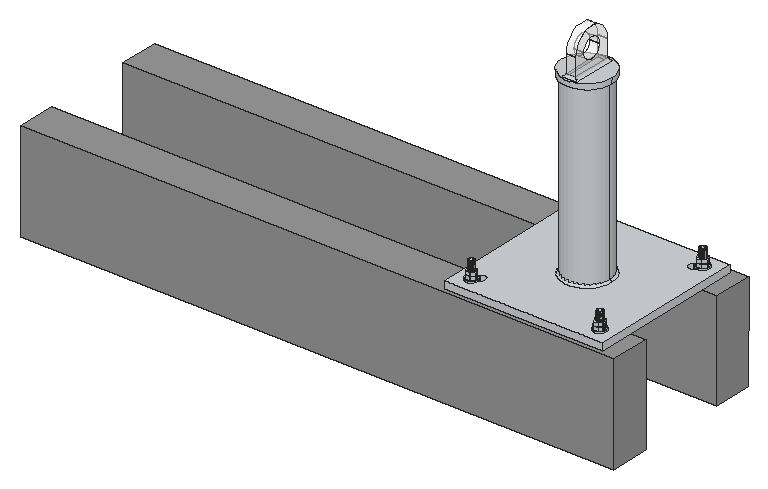
Revit family "Exterior-Building-Maintenance_Anchor-Through-Bolt_Lynn-Safety", category Generic Models, host Face, Revit 2026
Family settings
  Host = Face
  Can host rebar = No
  Round Connector Dimension = Use Diameter
  Part Type = Normal
  Cut with Voids When Loaded = No
  Maintain Annotation Orientation = No
  Shared = No
  Room Calculation Point = No
Parameters
  URL = "https://www.lynnsafety.com/"
  Specification = "https://www.arcat.com/company/lynn-safety-inc-49484/spec"
  Product Page URL = "https://www.arcat.com/arcatcos/cos49/arc49484.html"
  Model = "Pedestal-Epoxy"
  Manufacturer = "Lynn Safety"
  Keynote = "11 81 23"
  Default Elevation = 4' - 0"
  Copyright = "ARCAT"
  CAD Details = "https://www.arcat.com/company/lynn-safety-inc-49484/cad"
Reference planes (in)
  plane 1 "Center (Front/Back)": y = 0
  plane 2: z = 0
  plane 3 "Center (Left/Right)": x = 0
  plane 4: x = 15
  plane 5: z = -10.2799324
Forms (in)
  Extrusion 1, solid
    sketch origin (0, 0, 0) x (1, 0, 0) y (0, 1, 0)
      loop
        circle (0, 0) r 2.515625
    from 18.7524017 to 19.25
  Extrusion 2, solid
    sketch origin (0, 0, -7.25) x (1, 0, 0) y (0, 1, 0)
      loop
        line (-8, -8) -> (8, -8) -> (8, 8) -> (-8, 8) -> (-8, -8)
      loop
        arc (-6.3535534, 5.6464466) -> (-5.6464466, 5.6464466) -> (-5.6464466, 6.3535534) r 0.5
        line (-5.6464466, 6.3535534) -> (-6.1464466, 6.8535534)
        arc (-6.1464466, 6.8535534) -> (-6.8535534, 6.8535534) -> (-6.8535534, 6.1464466) r 0.5
        line (-6.8535534, 6.1464466) -> (-6.3535534, 5.6464466)
      loop
        arc (-5.6464466, -6.3535534) -> (-5.6464466, -5.6464466) -> (-6.3535534, -5.6464466) r 0.5
        line (-6.3535534, -5.6464466) -> (-6.8535534, -6.1464466)
        arc (-6.8535534, -6.1464466) -> (-6.8535534, -6.8535534) -> (-6.1464466, -6.8535534) r 0.5
        line (-6.1464466, -6.8535534) -> (-5.6464466, -6.3535534)
      loop
        arc (6.1464466, -6.8535534) -> (6.8535534, -6.8535534) -> (6.8535534, -6.1464466) r 0.5
        line (6.8535534, -6.1464466) -> (6.3535534, -5.6464466)
        arc (6.3535534, -5.6464466) -> (5.6464466, -5.6464466) -> (5.6464466, -6.3535534) r 0.5
        line (5.6464466, -6.3535534) -> (6.1464466, -6.8535534)
      loop
        line (6.3535534, 5.6464466) -> (6.8535534, 6.1464466)
        arc (6.8535534, 6.1464466) -> (6.8535534, 6.8535534) -> (6.1464466, 6.8535534) r 0.5
        line (6.1464466, 6.8535534) -> (5.6464466, 6.3535534)
        arc (5.6464466, 6.3535534) -> (5.6464466, 5.6464466) -> (6.3535534, 5.6464466) r 0.5
    from 7.25 to 8
  Extrusion 3, solid
    sketch origin (0, 0, 0) x (1, 0, 0) y (0, 1, 0)
      loop
        circle (-6.4980544, -6.5) r 0.6231955
      loop
        circle (-6.4980544, -6.5) r 0.3292134
      loop
        circle (6.4980544, -6.5) r 0.6231955
      loop
        circle (6.4980544, -6.5) r 0.3292134
      loop
        circle (-6.4980544, 6.5) r 0.6231955
      loop
        circle (-6.4980544, 6.5) r 0.3292134
      loop
        circle (6.4980544, 6.5) r 0.6231955
      loop
        circle (6.4980544, 6.5) r 0.3292134
    from 0.75 to 0.828125
  Extrusion 4, solid
    sketch origin (0, 0, 0) x (1, 0, 0) y (0, 1, 0)
      loop
        circle (0, 0) r 2.25
    from 0.75 to 18.7524017
  Extrusion 5, solid
    sketch origin (0, 0, 0) x (1, 0, 0) y (0, 1, 0)
      loop
        line (-6.9942227, -6.5167463) -> (-6.7611863, -6.920377) -> (-6.733464, -6.9363825) -> (-6.266536, -6.9363825) -> (-6.2388137, -6.920377) -> (-6.0057773, -6.5167463) -> (-6.0057773, -6.4832537) -> (-6.2388137, -6.079623) -> (-6.266536, -6.0636175) -> (-6.733464, -6.0636175) -> (-6.7611863, -6.079623) -> (-6.9942227, -6.4832537) -> (-6.9942227, -6.5167463)
    from 0.828125 to 1.195622
  Extrusion 6, solid
    sketch origin (0, 0, 0.375) x (1, 0, 0) y (0, 1, 0)
      loop
        line (-6.9942227, -6.5167463) -> (-6.7611863, -6.920377) -> (-6.733464, -6.9363825) -> (-6.266536, -6.9363825) -> (-6.2388137, -6.920377) -> (-6.0057773, -6.5167463) -> (-6.0057773, -6.4832537) -> (-6.2388137, -6.079623) -> (-6.266536, -6.0636175) -> (-6.733464, -6.0636175) -> (-6.7611863, -6.079623) -> (-6.9942227, -6.4832537) -> (-6.9942227, -6.5167463)
    from 0.8327002 to 1.203125
  Extrusion 7, solid
    sketch origin (0, 0, 0) x (1, 0, 0) y (0, 1, 0)
      loop
        circle (-6.4980544, -6.5) r 0.25
      loop
        circle (6.4980544, -6.5) r 0.25
      loop
        circle (-6.4980544, 6.5) r 0.25
      loop
        circle (6.4980544, 6.5) r 0.25
    from -10.25 to 2.5
  Revolve 8, solid
    sketch origin (0, -6.5, 0) x (1, 0, 0) y (0, 0, -1)
      loop
        line (-6.2480544, -2.4762495) -> (-6.2119926, -2.4554292) -> (-6.2480544, -2.4346089) -> (-6.2480544, -2.4762495)
      loop
        line (-6.2480544, -2.3988575) -> (-6.2119926, -2.3780372) -> (-6.2480544, -2.3572169) -> (-6.2480544, -2.3988575)
      loop
        line (-6.2480544, -2.3220831) -> (-6.2119926, -2.3012628) -> (-6.2480544, -2.2804425) -> (-6.2480544, -2.3220831)
      loop
        line (-6.2480544, -2.2447999) -> (-6.2119926, -2.2239796) -> (-6.2480544, -2.2031593) -> (-6.2480544, -2.2447999)
      loop
        line (-6.2480544, -2.1673979) -> (-6.2119926, -2.1465776) -> (-6.2480544, -2.1257573) -> (-6.2480544, -2.1673979)
      loop
        line (-6.2480544, -2.091749) -> (-6.2119926, -2.0709287) -> (-6.2480544, -2.0501084) -> (-6.2480544, -2.091749)
      loop
        line (-6.2480544, -2.0132437) -> (-6.2119926, -1.9924234) -> (-6.2480544, -1.9716031) -> (-6.2480544, -2.0132437)
      loop
        line (-6.2480544, -1.9366959) -> (-6.2119926, -1.9158756) -> (-6.2480544, -1.8950553) -> (-6.2480544, -1.9366959)
      loop
        line (-6.2480544, -1.8600281) -> (-6.2119926, -1.8392078) -> (-6.2480544, -1.8183875) -> (-6.2480544, -1.8600281)
      loop
        line (-6.2480544, -1.7842915) -> (-6.2119926, -1.7634712) -> (-6.2480544, -1.742651) -> (-6.2480544, -1.7842915)
      loop
        line (-6.2480544, -1.7068519) -> (-6.2119926, -1.6860316) -> (-6.2480544, -1.6652113) -> (-6.2480544, -1.7068519)
      loop
        line (-6.2480544, -1.6297099) -> (-6.2119926, -1.6088896) -> (-6.2480544, -1.5880693) -> (-6.2480544, -1.6297099)
      loop
        line (-6.2480544, -0.0142672) -> (-6.2119926, 0.0065531) -> (-6.2480544, 0.0273734) -> (-6.2480544, -0.0142672)
      loop
        line (-6.2480544, 0.0620677) -> (-6.2119926, 0.082888) -> (-6.2480544, 0.1037083) -> (-6.2480544, 0.0620677)
      loop
        line (-6.2480544, 0.1422884) -> (-6.2119926, 0.1631087) -> (-6.2480544, 0.183929) -> (-6.2480544, 0.1422884)
      loop
        line (-6.2480544, 0.2161803) -> (-6.2119926, 0.2370006) -> (-6.2480544, 0.2578209) -> (-6.2480544, 0.2161803)
      loop
        line (-6.2480544, 0.2934976) -> (-6.2119926, 0.3143179) -> (-6.2480544, 0.3351382) -> (-6.2480544, 0.2934976)
      loop
        line (-6.2480544, 0.3712838) -> (-6.2119926, 0.3921041) -> (-6.2480544, 0.4129244) -> (-6.2480544, 0.3712838)
      loop
        line (-6.2480544, 0.4472255) -> (-6.2119926, 0.4680458) -> (-6.2480544, 0.4888661) -> (-6.2480544, 0.4472255)
      loop
        line (-6.2480544, 0.5244205) -> (-6.2119926, 0.5452408) -> (-6.2480544, 0.5660611) -> (-6.2480544, 0.5244205)
      loop
        line (-6.2480544, 0.5998766) -> (-6.2119926, 0.6206969) -> (-6.2480544, 0.6415172) -> (-6.2480544, 0.5998766)
      loop
        line (-6.2480544, 0.6762115) -> (-6.2119926, 0.6970318) -> (-6.2480544, 0.7178521) -> (-6.2480544, 0.6762115)
      loop
        line (-6.2480544, 0.7564323) -> (-6.2119926, 0.7772526) -> (-6.2480544, 0.7980729) -> (-6.2480544, 0.7564323)
      loop
        line (-6.2480544, 0.8303242) -> (-6.2119926, 0.8511445) -> (-6.2480544, 0.8719648) -> (-6.2480544, 0.8303242)
      loop
        line (-6.2480544, 0.9076414) -> (-6.2119926, 0.9284617) -> (-6.2480544, 0.949282) -> (-6.2480544, 0.9076414)
      loop
        line (-6.2480544, 0.9854276) -> (-6.2119926, 1.0062479) -> (-6.2480544, 1.0270682) -> (-6.2480544, 0.9854276)
      loop
        line (-6.2480544, 1.0613693) -> (-6.2119926, 1.0821896) -> (-6.2480544, 1.1030099) -> (-6.2480544, 1.0613693)
      loop
        line (-6.2480544, 1.1385644) -> (-6.2119926, 1.1593847) -> (-6.2480544, 1.180205) -> (-6.2480544, 1.1385644)
      loop
        line (-6.2480544, 1.2140205) -> (-6.2119926, 1.2348408) -> (-6.2480544, 1.2556611) -> (-6.2480544, 1.2140205)
      loop
        line (-6.2480544, 1.2903554) -> (-6.2119926, 1.3111757) -> (-6.2480544, 1.331996) -> (-6.2480544, 1.2903554)
      loop
        line (-6.2480544, 1.3705762) -> (-6.2119926, 1.3913965) -> (-6.2480544, 1.4122168) -> (-6.2480544, 1.3705762)
      loop
        line (-6.2480544, 1.444468) -> (-6.2119926, 1.4652883) -> (-6.2480544, 1.4861086) -> (-6.2480544, 1.444468)
      loop
        line (-6.2480544, 1.5217853) -> (-6.2119926, 1.5426056) -> (-6.2480544, 1.5634259) -> (-6.2480544, 1.5217853)
      loop
        line (-6.2480544, 1.5995715) -> (-6.2119926, 1.6203918) -> (-6.2480544, 1.6412121) -> (-6.2480544, 1.5995715)
      loop
        line (-6.2480544, 1.6755132) -> (-6.2119926, 1.6963335) -> (-6.2480544, 1.7171538) -> (-6.2480544, 1.6755132)
      loop
        line (-6.2480544, 1.7527082) -> (-6.2119926, 1.7735285) -> (-6.2480544, 1.7943488) -> (-6.2480544, 1.7527082)
      loop
        line (-6.2480544, 1.8281643) -> (-6.2119926, 1.8489846) -> (-6.2480544, 1.8698049) -> (-6.2480544, 1.8281643)
      loop
        line (-6.2480544, 1.9044992) -> (-6.2119926, 1.9253195) -> (-6.2480544, 1.9461398) -> (-6.2480544, 1.9044992)
      loop
        line (-6.2480544, 1.98472) -> (-6.2119926, 2.0055403) -> (-6.2480544, 2.0263606) -> (-6.2480544, 1.98472)
      loop
        line (-6.2480544, 2.0586119) -> (-6.2119926, 2.0794322) -> (-6.2480544, 2.1002525) -> (-6.2480544, 2.0586119)
      loop
        line (-6.2480544, 2.1359291) -> (-6.2119926, 2.1567494) -> (-6.2480544, 2.1775697) -> (-6.2480544, 2.1359291)
      loop
        line (-6.2480544, 2.2137153) -> (-6.2119926, 2.2345356) -> (-6.2480544, 2.2553559) -> (-6.2480544, 2.2137153)
      loop
        line (-6.2480544, 2.289657) -> (-6.2119926, 2.3104773) -> (-6.2480544, 2.3312976) -> (-6.2480544, 2.289657)
      loop
        line (-6.2480544, 2.3668521) -> (-6.2119926, 2.3876724) -> (-6.2480544, 2.4084927) -> (-6.2480544, 2.3668521)
      loop
        line (-6.2480544, 2.4423082) -> (-6.2119926, 2.4631285) -> (-6.2480544, 2.4839488) -> (-6.2480544, 2.4423082)
      loop
        line (-6.2480544, 2.5186431) -> (-6.2119926, 2.5394634) -> (-6.2480544, 2.5602837) -> (-6.2480544, 2.5186431)
      loop
        line (-6.2480544, 2.5988639) -> (-6.2119926, 2.6196842) -> (-6.2480544, 2.6405045) -> (-6.2480544, 2.5988639)
      loop
        line (-6.2480544, 2.6727558) -> (-6.2119926, 2.6935761) -> (-6.2480544, 2.7143964) -> (-6.2480544, 2.6727558)
      loop
        line (-6.2480544, 2.750073) -> (-6.2119926, 2.7708933) -> (-6.2480544, 2.7917136) -> (-6.2480544, 2.750073)
      loop
        line (-6.2480544, 2.8278592) -> (-6.2119926, 2.8486795) -> (-6.2480544, 2.8694998) -> (-6.2480544, 2.8278592)
      loop
        line (-6.2480544, 2.9038009) -> (-6.2119926, 2.9246212) -> (-6.2480544, 2.9454415) -> (-6.2480544, 2.9038009)
      loop
        line (-6.2480544, 2.980996) -> (-6.2119926, 3.0018162) -> (-6.2480544, 3.0226365) -> (-6.2480544, 2.980996)
      loop
        line (-6.2480544, 3.0564521) -> (-6.2119926, 3.0772723) -> (-6.2480544, 3.0980926) -> (-6.2480544, 3.0564521)
      loop
        line (-6.2480544, 3.132787) -> (-6.2119926, 3.1536073) -> (-6.2480544, 3.1744276) -> (-6.2480544, 3.132787)
      loop
        line (-6.2480544, 3.2130077) -> (-6.2119926, 3.233828) -> (-6.2480544, 3.2546483) -> (-6.2480544, 3.2130077)
      loop
        line (-6.2480544, 3.2868996) -> (-6.2119926, 3.3077199) -> (-6.2480544, 3.3285402) -> (-6.2480544, 3.2868996)
      loop
        line (-6.2480544, 3.3642169) -> (-6.2119926, 3.3850372) -> (-6.2480544, 3.4058574) -> (-6.2480544, 3.3642169)
      loop
        line (-6.2480544, 3.4420031) -> (-6.2119926, 3.4628234) -> (-6.2480544, 3.4836437) -> (-6.2480544, 3.4420031)
      loop
        line (-6.2480544, 3.5179447) -> (-6.2119926, 3.538765) -> (-6.2480544, 3.5595853) -> (-6.2480544, 3.5179447)
      loop
        line (-6.2480544, 3.5951398) -> (-6.2119926, 3.6159601) -> (-6.2480544, 3.6367804) -> (-6.2480544, 3.5951398)
      loop
        line (-6.2480544, 3.6705959) -> (-6.2119926, 3.6914162) -> (-6.2480544, 3.7122365) -> (-6.2480544, 3.6705959)
      loop
        line (-6.2480544, 3.7469308) -> (-6.2119926, 3.7677511) -> (-6.2480544, 3.7885714) -> (-6.2480544, 3.7469308)
      loop
        line (-6.2480544, 3.8271516) -> (-6.2119926, 3.8479719) -> (-6.2480544, 3.8687922) -> (-6.2480544, 3.8271516)
      loop
        line (-6.2480544, 3.9010435) -> (-6.2119926, 3.9218638) -> (-6.2480544, 3.9426841) -> (-6.2480544, 3.9010435)
      loop
        line (-6.2480544, 3.9783607) -> (-6.2119926, 3.999181) -> (-6.2480544, 4.0200013) -> (-6.2480544, 3.9783607)
      loop
        line (-6.2480544, 4.0561469) -> (-6.2119926, 4.0769672) -> (-6.2480544, 4.0977875) -> (-6.2480544, 4.0561469)
      loop
        line (-6.2480544, 4.1320886) -> (-6.2119926, 4.1529089) -> (-6.2480544, 4.1737292) -> (-6.2480544, 4.1320886)
      loop
        line (-6.2480544, 4.2092837) -> (-6.2119926, 4.230104) -> (-6.2480544, 4.2509243) -> (-6.2480544, 4.2092837)
      loop
        line (-6.2480544, 4.2847398) -> (-6.2119926, 4.3055601) -> (-6.2480544, 4.3263804) -> (-6.2480544, 4.2847398)
      loop
        line (-6.2480544, 4.3610747) -> (-6.2119926, 4.381895) -> (-6.2480544, 4.4027153) -> (-6.2480544, 4.3610747)
      loop
        line (-6.2480544, 4.4412955) -> (-6.2119926, 4.4621158) -> (-6.2480544, 4.482936) -> (-6.2480544, 4.4412955)
      loop
        line (-6.2480544, 4.5151873) -> (-6.2119926, 4.5360076) -> (-6.2480544, 4.5568279) -> (-6.2480544, 4.5151873)
      loop
        line (-6.2480544, 4.5925046) -> (-6.2119926, 4.6133249) -> (-6.2480544, 4.6341452) -> (-6.2480544, 4.5925046)
      loop
        line (-6.2480544, 4.6702908) -> (-6.2119926, 4.6911111) -> (-6.2480544, 4.7119314) -> (-6.2480544, 4.6702908)
      loop
        line (-6.2480544, 4.7462325) -> (-6.2119926, 4.7670528) -> (-6.2480544, 4.7878731) -> (-6.2480544, 4.7462325)
      loop
        line (-6.2480544, 4.8234275) -> (-6.2119926, 4.8442478) -> (-6.2480544, 4.8650681) -> (-6.2480544, 4.8234275)
      loop
        line (-6.2480544, 4.8988836) -> (-6.2119926, 4.9197039) -> (-6.2480544, 4.9405242) -> (-6.2480544, 4.8988836)
      loop
        line (-6.2480544, 4.9752185) -> (-6.2119926, 4.9960388) -> (-6.2480544, 5.0168591) -> (-6.2480544, 4.9752185)
      loop
        line (-6.2480544, 5.0554393) -> (-6.2119926, 5.0762596) -> (-6.2480544, 5.0970799) -> (-6.2480544, 5.0554393)
      loop
        line (-6.2480544, 5.1293312) -> (-6.2119926, 5.1501515) -> (-6.2480544, 5.1709718) -> (-6.2480544, 5.1293312)
      loop
        line (-6.2480544, 5.2066484) -> (-6.2119926, 5.2274687) -> (-6.2480544, 5.248289) -> (-6.2480544, 5.2066484)
      loop
        line (-6.2480544, 5.2844346) -> (-6.2119926, 5.3052549) -> (-6.2480544, 5.3260752) -> (-6.2480544, 5.2844346)
      loop
        line (-6.2480544, 5.3603763) -> (-6.2119926, 5.3811966) -> (-6.2480544, 5.4020169) -> (-6.2480544, 5.3603763)
      loop
        line (-6.2480544, 5.4375714) -> (-6.2119926, 5.4583917) -> (-6.2480544, 5.479212) -> (-6.2480544, 5.4375714)
      loop
        line (-6.2480544, 5.5130275) -> (-6.2119926, 5.5338478) -> (-6.2480544, 5.5546681) -> (-6.2480544, 5.5130275)
      loop
        line (-6.2480544, 5.5893624) -> (-6.2119926, 5.6101827) -> (-6.2480544, 5.631003) -> (-6.2480544, 5.5893624)
      loop
        line (-6.2480544, 5.6695832) -> (-6.2119926, 5.6904035) -> (-6.2480544, 5.7112238) -> (-6.2480544, 5.6695832)
      loop
        line (-6.2480544, 5.743475) -> (-6.2119926, 5.7642953) -> (-6.2480544, 5.7851156) -> (-6.2480544, 5.743475)
      loop
        line (-6.2480544, 5.8207923) -> (-6.2119926, 5.8416126) -> (-6.2480544, 5.8624329) -> (-6.2480544, 5.8207923)
      loop
        line (-6.2480544, 5.8985785) -> (-6.2119926, 5.9193988) -> (-6.2480544, 5.9402191) -> (-6.2480544, 5.8985785)
      loop
        line (-6.2480544, 5.9724704) -> (-6.2119926, 5.9932907) -> (-6.2480544, 6.014111) -> (-6.2480544, 5.9724704)
      loop
        line (-6.2480544, 6.0497876) -> (-6.2119926, 6.0706079) -> (-6.2480544, 6.0914282) -> (-6.2480544, 6.0497876)
      loop
        line (-6.2480544, 6.1275738) -> (-6.2119926, 6.1483941) -> (-6.2480544, 6.1692144) -> (-6.2480544, 6.1275738)
      loop
        line (-6.2480544, 6.2035155) -> (-6.2119926, 6.2243358) -> (-6.2480544, 6.2451561) -> (-6.2480544, 6.2035155)
      loop
        line (-6.2480544, 6.2807106) -> (-6.2119926, 6.3015309) -> (-6.2480544, 6.3223512) -> (-6.2480544, 6.2807106)
      loop
        line (-6.2480544, 6.3561667) -> (-6.2119926, 6.376987) -> (-6.2480544, 6.3978073) -> (-6.2480544, 6.3561667)
      loop
        line (-6.2480544, 6.4325016) -> (-6.2119926, 6.4533219) -> (-6.2480544, 6.4741422) -> (-6.2480544, 6.4325016)
      loop
        line (-6.2480544, 6.5127223) -> (-6.2119926, 6.5335426) -> (-6.2480544, 6.5543629) -> (-6.2480544, 6.5127223)
      loop
        line (-6.2480544, 6.5866142) -> (-6.2119926, 6.6074345) -> (-6.2480544, 6.6282548) -> (-6.2480544, 6.5866142)
      loop
        line (-6.2480544, 6.6639315) -> (-6.2119926, 6.6847518) -> (-6.2480544, 6.7055721) -> (-6.2480544, 6.6639315)
      loop
        line (-6.2480544, 6.7417177) -> (-6.2119926, 6.762538) -> (-6.2480544, 6.7833583) -> (-6.2480544, 6.7417177)
      loop
        line (-6.2480544, 6.8156095) -> (-6.2119926, 6.8364298) -> (-6.2480544, 6.8572501) -> (-6.2480544, 6.8156095)
      loop
        line (-6.2480544, 6.8929268) -> (-6.2119926, 6.9137471) -> (-6.2480544, 6.9345674) -> (-6.2480544, 6.8929268)
      loop
        line (-6.2480544, 6.970713) -> (-6.2119926, 6.9915333) -> (-6.2480544, 7.0123536) -> (-6.2480544, 6.970713)
      loop
        line (-6.2480544, 7.0466547) -> (-6.2119926, 7.067475) -> (-6.2480544, 7.0882953) -> (-6.2480544, 7.0466547)
      loop
        line (-6.2480544, 7.1238497) -> (-6.2119926, 7.14467) -> (-6.2480544, 7.1654903) -> (-6.2480544, 7.1238497)
      loop
        line (-6.2480544, 7.1993058) -> (-6.2119926, 7.2201261) -> (-6.2480544, 7.2409464) -> (-6.2480544, 7.1993058)
      loop
        line (-6.2480544, 7.2756407) -> (-6.2119926, 7.296461) -> (-6.2480544, 7.3172813) -> (-6.2480544, 7.2756407)
      loop
        line (-6.2480544, 7.3558615) -> (-6.2119926, 7.3766818) -> (-6.2480544, 7.3975021) -> (-6.2480544, 7.3558615)
      loop
        line (-6.2480544, 7.4297534) -> (-6.2119926, 7.4505737) -> (-6.2480544, 7.471394) -> (-6.2480544, 7.4297534)
      loop
        line (-6.2480544, 7.5070706) -> (-6.2119926, 7.5278909) -> (-6.2480544, 7.5487112) -> (-6.2480544, 7.5070706)
      loop
        line (-6.2480544, 7.5848568) -> (-6.2119926, 7.6056771) -> (-6.2480544, 7.6264974) -> (-6.2480544, 7.5848568)
      loop
        line (-6.2480544, 7.6587487) -> (-6.2119926, 7.679569) -> (-6.2480544, 7.7003893) -> (-6.2480544, 7.6587487)
      loop
        line (-6.2480544, 7.736066) -> (-6.2119926, 7.7568863) -> (-6.2480544, 7.7777065) -> (-6.2480544, 7.736066)
      loop
        line (-6.2480544, 7.8138522) -> (-6.2119926, 7.8346725) -> (-6.2480544, 7.8554928) -> (-6.2480544, 7.8138522)
      loop
        line (-6.2480544, 7.8897938) -> (-6.2119926, 7.9106141) -> (-6.2480544, 7.9314344) -> (-6.2480544, 7.8897938)
      loop
        line (-6.2480544, 7.9669889) -> (-6.2119926, 7.9878092) -> (-6.2480544, 8.0086295) -> (-6.2480544, 7.9669889)
      loop
        line (-6.2480544, 8.042445) -> (-6.2119926, 8.0632653) -> (-6.2480544, 8.0840856) -> (-6.2480544, 8.042445)
      loop
        line (-6.2480544, 8.1187799) -> (-6.2119926, 8.1396002) -> (-6.2480544, 8.1604205) -> (-6.2480544, 8.1187799)
      loop
        line (-6.2480544, 8.1990007) -> (-6.2119926, 8.219821) -> (-6.2480544, 8.2406413) -> (-6.2480544, 8.1990007)
      loop
        line (-6.2480544, 8.2728926) -> (-6.2119926, 8.2937129) -> (-6.2480544, 8.3145332) -> (-6.2480544, 8.2728926)
      loop
        line (-6.2480544, 8.3502098) -> (-6.2119926, 8.3710301) -> (-6.2480544, 8.3918504) -> (-6.2480544, 8.3502098)
      loop
        line (-6.2480544, 8.427996) -> (-6.2119926, 8.4488163) -> (-6.2480544, 8.4696366) -> (-6.2480544, 8.427996)
      loop
        line (-6.2480544, 8.5018879) -> (-6.2119926, 8.5227082) -> (-6.2480544, 8.5435285) -> (-6.2480544, 8.5018879)
      loop
        line (-6.2480544, 8.5792051) -> (-6.2119926, 8.6000254) -> (-6.2480544, 8.6208457) -> (-6.2480544, 8.5792051)
      loop
        line (-6.2480544, 8.6569913) -> (-6.2119926, 8.6778116) -> (-6.2480544, 8.6986319) -> (-6.2480544, 8.6569913)
      loop
        line (-6.2480544, 8.732933) -> (-6.2119926, 8.7537533) -> (-6.2480544, 8.7745736) -> (-6.2480544, 8.732933)
      loop
        line (-6.2480544, 8.8101281) -> (-6.2119926, 8.8309484) -> (-6.2480544, 8.8517687) -> (-6.2480544, 8.8101281)
      loop
        line (-6.2480544, 8.8855842) -> (-6.2119926, 8.9064045) -> (-6.2480544, 8.9272248) -> (-6.2480544, 8.8855842)
      loop
        line (-6.2480544, 8.9619191) -> (-6.2119926, 8.9827394) -> (-6.2480544, 9.0035597) -> (-6.2480544, 8.9619191)
      loop
        line (-6.2480544, 9.0421399) -> (-6.2119926, 9.0629602) -> (-6.2480544, 9.0837805) -> (-6.2480544, 9.0421399)
      loop
        line (-6.2480544, 9.1160317) -> (-6.2119926, 9.136852) -> (-6.2480544, 9.1576723) -> (-6.2480544, 9.1160317)
      loop
        line (-6.2480544, 9.193349) -> (-6.2119926, 9.2141693) -> (-6.2480544, 9.2349896) -> (-6.2480544, 9.193349)
      loop
        line (-6.2480544, 9.2711352) -> (-6.2119926, 9.2919555) -> (-6.2480544, 9.3127758) -> (-6.2480544, 9.2711352)
      loop
        line (-6.2480544, 9.3450271) -> (-6.2119926, 9.3658474) -> (-6.2480544, 9.3866677) -> (-6.2480544, 9.3450271)
      loop
        line (-6.2480544, 9.4223443) -> (-6.2119926, 9.4431646) -> (-6.2480544, 9.4639849) -> (-6.2480544, 9.4223443)
      loop
        line (-6.2480544, 9.5001305) -> (-6.2119926, 9.5209508) -> (-6.2480544, 9.5417711) -> (-6.2480544, 9.5001305)
      loop
        line (-6.2480544, 9.5760722) -> (-6.2119926, 9.5968925) -> (-6.2480544, 9.6177128) -> (-6.2480544, 9.5760722)
      loop
        line (-6.2480544, 9.6532673) -> (-6.2119926, 9.6740876) -> (-6.2480544, 9.6949079) -> (-6.2480544, 9.6532673)
      loop
        line (-6.2480544, 9.7287234) -> (-6.2119926, 9.7495437) -> (-6.2480544, 9.770364) -> (-6.2480544, 9.7287234)
      loop
        line (-6.2480544, 9.8050583) -> (-6.2119926, 9.8258786) -> (-6.2480544, 9.8466989) -> (-6.2480544, 9.8050583)
      loop
        line (-6.2480544, 9.885279) -> (-6.2119926, 9.9060993) -> (-6.2480544, 9.9269196) -> (-6.2480544, 9.885279)
      loop
        line (-6.2480544, 9.9591709) -> (-6.2119926, 9.9799912) -> (-6.2480544, 10.0008115) -> (-6.2480544, 9.9591709)
      loop
        line (-6.2480544, 10.0364882) -> (-6.2119926, 10.0573085) -> (-6.2480544, 10.0781288) -> (-6.2480544, 10.0364882)
      loop
        line (-6.2480544, 10.1142744) -> (-6.2119926, 10.1350947) -> (-6.2480544, 10.155915) -> (-6.2480544, 10.1142744)
      loop
        line (-6.2480544, 10.1881662) -> (-6.2119926, 10.2089865) -> (-6.2480544, 10.2298068) -> (-6.2480544, 10.1881662)
      loop
        line (-6.2480544, 10.2654835) -> (-6.2119926, 10.2863038) -> (-6.2480544, 10.3071241) -> (-6.2480544, 10.2654835)
      axis (-6.4980544, -2.4762495) -> (-6.4980544, 10.3071241)
    angle from 0 to 360
  Extrusion 9, solid
    sketch origin (0, 0, 0) x (1, 0, 0) y (0, 1, 0)
      loop
        line (-6.9942227, 6.5167463) -> (-6.9942227, 6.4832537) -> (-6.7611863, 6.079623) -> (-6.733464, 6.0636175) -> (-6.266536, 6.0636175) -> (-6.2388137, 6.079623) -> (-6.0057773, 6.4832537) -> (-6.0057773, 6.5167463) -> (-6.2388137, 6.920377) -> (-6.266536, 6.9363825) -> (-6.733464, 6.9363825) -> (-6.7611863, 6.920377) -> (-6.9942227, 6.5167463)
    from 0.828125 to 1.195622
  Extrusion 10, solid
    sketch origin (0, 0, 0.375) x (1, 0, 0) y (0, 1, 0)
      loop
        line (-6.9942227, 6.5167463) -> (-6.9942227, 6.4832537) -> (-6.7611863, 6.079623) -> (-6.733464, 6.0636175) -> (-6.266536, 6.0636175) -> (-6.2388137, 6.079623) -> (-6.0057773, 6.4832537) -> (-6.0057773, 6.5167463) -> (-6.2388137, 6.920377) -> (-6.266536, 6.9363825) -> (-6.733464, 6.9363825) -> (-6.7611863, 6.920377) -> (-6.9942227, 6.5167463)
    from 0.8327002 to 1.203125
  Extrusion 11, solid
    sketch origin (0, 0, 0) x (-1, 0, 0) y (0, -1, 0)
      loop
        line (-6.9942227, 6.5167463) -> (-6.9942227, 6.4832537) -> (-6.7611863, 6.079623) -> (-6.733464, 6.0636175) -> (-6.266536, 6.0636175) -> (-6.2388137, 6.079623) -> (-6.0057773, 6.4832537) -> (-6.0057773, 6.5167463) -> (-6.2388137, 6.920377) -> (-6.266536, 6.9363825) -> (-6.733464, 6.9363825) -> (-6.7611863, 6.920377) -> (-6.9942227, 6.5167463)
    from 0.828125 to 1.195622
  Extrusion 12, solid
    sketch origin (0, 0, 0.375) x (-1, 0, 0) y (0, -1, 0)
      loop
        line (-6.9942227, 6.5167463) -> (-6.9942227, 6.4832537) -> (-6.7611863, 6.079623) -> (-6.733464, 6.0636175) -> (-6.266536, 6.0636175) -> (-6.2388137, 6.079623) -> (-6.0057773, 6.4832537) -> (-6.0057773, 6.5167463) -> (-6.2388137, 6.920377) -> (-6.266536, 6.9363825) -> (-6.733464, 6.9363825) -> (-6.7611863, 6.920377) -> (-6.9942227, 6.5167463)
    from 0.8327002 to 1.203125
  Extrusion 13, solid
    sketch origin (0, 0, 0) x (-1, 0, 0) y (0, -1, 0)
      loop
        line (-6.9942227, -6.5167463) -> (-6.7611863, -6.920377) -> (-6.733464, -6.9363825) -> (-6.266536, -6.9363825) -> (-6.2388137, -6.920377) -> (-6.0057773, -6.5167463) -> (-6.0057773, -6.4832537) -> (-6.2388137, -6.079623) -> (-6.266536, -6.0636175) -> (-6.733464, -6.0636175) -> (-6.7611863, -6.079623) -> (-6.9942227, -6.4832537) -> (-6.9942227, -6.5167463)
    from 0.828125 to 1.195622
  Extrusion 14, solid
    sketch origin (0, 0, 0.375) x (-1, 0, 0) y (0, -1, 0)
      loop
        line (-6.9942227, -6.5167463) -> (-6.7611863, -6.920377) -> (-6.733464, -6.9363825) -> (-6.266536, -6.9363825) -> (-6.2388137, -6.920377) -> (-6.0057773, -6.5167463) -> (-6.0057773, -6.4832537) -> (-6.2388137, -6.079623) -> (-6.266536, -6.0636175) -> (-6.733464, -6.0636175) -> (-6.7611863, -6.079623) -> (-6.9942227, -6.4832537) -> (-6.9942227, -6.5167463)
    from 0.8327002 to 1.203125
  Extrusion 15, solid, material "Suport"
    sketch origin (0, 0, 0) x (0, 1, 0) y (0, 0, 1)
      loop
        line (8.5, -10) -> (8.5, 0) -> (4.5, 0) -> (4.5, -10) -> (8.5, -10)
      loop
        line (-4.5, -10) -> (-4.5, 0) -> (-8.5, 0) -> (-8.5, -10) -> (-4.5, -10)
    from -50.5 to 9.5
  Extrusion 16, solid, material "Default"
    sketch origin (0, 0, 0) x (0, 1, 0) y (0, 0, 1)
      loop
        arc (2, 21.25) -> (0, 23.25) -> (-2, 21.25) r 2
        line (-2, 21.25) -> (-2, 19.25) -> (2, 19.25) -> (2, 21.25)
      loop
        circle (0, 21.25) r 1
    from -0.5 to 0.5
  Sweep 17, solid
    path in 3D
      loop
        line (0.5, 2, 19.25) -> (-0.5, 2, 19.25) -> (-0.5, -2, 19.25) -> (0.5, -2, 19.25) -> (0.5, 2, 19.25)
    profile origin (0.5, 0, 19.25) x (1, 0, 0) y (0, 0, -1)
      loop
        arc (0, -0.25) -> (0.0732233, -0.0732233) -> (0.25, 0) r 0.25
        line (0.25, 0) -> (0, 0) -> (0, -0.25)
  Extrusion 18, void
    sketch origin (0, 0, 0) x (1, 0, 0) y (0, 1, 0)
      loop
        line (-7.5, -7.5) -> (-5.5, -7.5) -> (-5.5, -5.5) -> (-7.5, -5.5) -> (-7.5, -7.5)
      loop
        line (-7.5, 5.5) -> (-5.5, 5.5) -> (-5.5, 7.5) -> (-7.5, 7.5) -> (-7.5, 5.5)
      loop
        line (5.5, -7.5) -> (7.5, -7.5) -> (7.5, -5.5) -> (5.5, -5.5) -> (5.5, -7.5)
      loop
        line (5.5, 7.5) -> (5.5, 5.5) -> (7.5, 5.5) -> (7.5, 7.5) -> (5.5, 7.5)
    from -10.25 to -8
  Revolve 19, solid
    sketch origin (-8, 0.0001473, -7.25) x (1, 0, 0) y (0, 0, 1)
      loop
        line (10.2501473, 8.2494861) -> (10.2501473, 7.9994861) -> (10.4799353, 7.9994861)
        arc (10.4799353, 7.9994861) -> (10.3163213, 8.079705) -> (10.2501473, 8.2494861) r 0.2508889
      axis (8, 7.9994861) -> (8, 8.2494861)
    angle from 0 to 360
  Revolve 20, solid
    sketch origin (0, 6.5, 0) x (1, 0, 0) y (0, 0, -1)
      loop
        line (-6.2480544, -2.4762495) -> (-6.2119926, -2.4554292) -> (-6.2480544, -2.4346089) -> (-6.2480544, -2.4762495)
      loop
        line (-6.2480544, -2.3988575) -> (-6.2119926, -2.3780372) -> (-6.2480544, -2.3572169) -> (-6.2480544, -2.3988575)
      loop
        line (-6.2480544, -2.3220831) -> (-6.2119926, -2.3012628) -> (-6.2480544, -2.2804425) -> (-6.2480544, -2.3220831)
      loop
        line (-6.2480544, -2.2447999) -> (-6.2119926, -2.2239796) -> (-6.2480544, -2.2031593) -> (-6.2480544, -2.2447999)
      loop
        line (-6.2480544, -2.1673979) -> (-6.2119926, -2.1465776) -> (-6.2480544, -2.1257573) -> (-6.2480544, -2.1673979)
      loop
        line (-6.2480544, -2.091749) -> (-6.2119926, -2.0709287) -> (-6.2480544, -2.0501084) -> (-6.2480544, -2.091749)
      loop
        line (-6.2480544, -2.0132437) -> (-6.2119926, -1.9924234) -> (-6.2480544, -1.9716031) -> (-6.2480544, -2.0132437)
      loop
        line (-6.2480544, -1.9366959) -> (-6.2119926, -1.9158756) -> (-6.2480544, -1.8950553) -> (-6.2480544, -1.9366959)
      loop
        line (-6.2480544, -1.8600281) -> (-6.2119926, -1.8392078) -> (-6.2480544, -1.8183875) -> (-6.2480544, -1.8600281)
      loop
        line (-6.2480544, -1.7842915) -> (-6.2119926, -1.7634712) -> (-6.2480544, -1.742651) -> (-6.2480544, -1.7842915)
      loop
        line (-6.2480544, -1.7068519) -> (-6.2119926, -1.6860316) -> (-6.2480544, -1.6652113) -> (-6.2480544, -1.7068519)
      loop
        line (-6.2480544, -1.6297099) -> (-6.2119926, -1.6088896) -> (-6.2480544, -1.5880693) -> (-6.2480544, -1.6297099)
      loop
        line (-6.2480544, -0.0142672) -> (-6.2119926, 0.0065531) -> (-6.2480544, 0.0273734) -> (-6.2480544, -0.0142672)
      loop
        line (-6.2480544, 0.0620677) -> (-6.2119926, 0.082888) -> (-6.2480544, 0.1037083) -> (-6.2480544, 0.0620677)
      loop
        line (-6.2480544, 0.1422884) -> (-6.2119926, 0.1631087) -> (-6.2480544, 0.183929) -> (-6.2480544, 0.1422884)
      loop
        line (-6.2480544, 0.2161803) -> (-6.2119926, 0.2370006) -> (-6.2480544, 0.2578209) -> (-6.2480544, 0.2161803)
      loop
        line (-6.2480544, 0.2934976) -> (-6.2119926, 0.3143179) -> (-6.2480544, 0.3351382) -> (-6.2480544, 0.2934976)
      loop
        line (-6.2480544, 0.3712838) -> (-6.2119926, 0.3921041) -> (-6.2480544, 0.4129244) -> (-6.2480544, 0.3712838)
      loop
        line (-6.2480544, 0.4472255) -> (-6.2119926, 0.4680458) -> (-6.2480544, 0.4888661) -> (-6.2480544, 0.4472255)
      loop
        line (-6.2480544, 0.5244205) -> (-6.2119926, 0.5452408) -> (-6.2480544, 0.5660611) -> (-6.2480544, 0.5244205)
      loop
        line (-6.2480544, 0.5998766) -> (-6.2119926, 0.6206969) -> (-6.2480544, 0.6415172) -> (-6.2480544, 0.5998766)
      loop
        line (-6.2480544, 0.6762115) -> (-6.2119926, 0.6970318) -> (-6.2480544, 0.7178521) -> (-6.2480544, 0.6762115)
      loop
        line (-6.2480544, 0.7564323) -> (-6.2119926, 0.7772526) -> (-6.2480544, 0.7980729) -> (-6.2480544, 0.7564323)
      loop
        line (-6.2480544, 0.8303242) -> (-6.2119926, 0.8511445) -> (-6.2480544, 0.8719648) -> (-6.2480544, 0.8303242)
      loop
        line (-6.2480544, 0.9076414) -> (-6.2119926, 0.9284617) -> (-6.2480544, 0.949282) -> (-6.2480544, 0.9076414)
      loop
        line (-6.2480544, 0.9854276) -> (-6.2119926, 1.0062479) -> (-6.2480544, 1.0270682) -> (-6.2480544, 0.9854276)
      loop
        line (-6.2480544, 1.0613693) -> (-6.2119926, 1.0821896) -> (-6.2480544, 1.1030099) -> (-6.2480544, 1.0613693)
      loop
        line (-6.2480544, 1.1385644) -> (-6.2119926, 1.1593847) -> (-6.2480544, 1.180205) -> (-6.2480544, 1.1385644)
      loop
        line (-6.2480544, 1.2140205) -> (-6.2119926, 1.2348408) -> (-6.2480544, 1.2556611) -> (-6.2480544, 1.2140205)
      loop
        line (-6.2480544, 1.2903554) -> (-6.2119926, 1.3111757) -> (-6.2480544, 1.331996) -> (-6.2480544, 1.2903554)
      loop
        line (-6.2480544, 1.3705762) -> (-6.2119926, 1.3913965) -> (-6.2480544, 1.4122168) -> (-6.2480544, 1.3705762)
      loop
        line (-6.2480544, 1.444468) -> (-6.2119926, 1.4652883) -> (-6.2480544, 1.4861086) -> (-6.2480544, 1.444468)
      loop
        line (-6.2480544, 1.5217853) -> (-6.2119926, 1.5426056) -> (-6.2480544, 1.5634259) -> (-6.2480544, 1.5217853)
      loop
        line (-6.2480544, 1.5995715) -> (-6.2119926, 1.6203918) -> (-6.2480544, 1.6412121) -> (-6.2480544, 1.5995715)
      loop
        line (-6.2480544, 1.6755132) -> (-6.2119926, 1.6963335) -> (-6.2480544, 1.7171538) -> (-6.2480544, 1.6755132)
      loop
        line (-6.2480544, 1.7527082) -> (-6.2119926, 1.7735285) -> (-6.2480544, 1.7943488) -> (-6.2480544, 1.7527082)
      loop
        line (-6.2480544, 1.8281643) -> (-6.2119926, 1.8489846) -> (-6.2480544, 1.8698049) -> (-6.2480544, 1.8281643)
      loop
        line (-6.2480544, 1.9044992) -> (-6.2119926, 1.9253195) -> (-6.2480544, 1.9461398) -> (-6.2480544, 1.9044992)
      loop
        line (-6.2480544, 1.98472) -> (-6.2119926, 2.0055403) -> (-6.2480544, 2.0263606) -> (-6.2480544, 1.98472)
      loop
        line (-6.2480544, 2.0586119) -> (-6.2119926, 2.0794322) -> (-6.2480544, 2.1002525) -> (-6.2480544, 2.0586119)
      loop
        line (-6.2480544, 2.1359291) -> (-6.2119926, 2.1567494) -> (-6.2480544, 2.1775697) -> (-6.2480544, 2.1359291)
      loop
        line (-6.2480544, 2.2137153) -> (-6.2119926, 2.2345356) -> (-6.2480544, 2.2553559) -> (-6.2480544, 2.2137153)
      loop
        line (-6.2480544, 2.289657) -> (-6.2119926, 2.3104773) -> (-6.2480544, 2.3312976) -> (-6.2480544, 2.289657)
      loop
        line (-6.2480544, 2.3668521) -> (-6.2119926, 2.3876724) -> (-6.2480544, 2.4084927) -> (-6.2480544, 2.3668521)
      loop
        line (-6.2480544, 2.4423082) -> (-6.2119926, 2.4631285) -> (-6.2480544, 2.4839488) -> (-6.2480544, 2.4423082)
      loop
        line (-6.2480544, 2.5186431) -> (-6.2119926, 2.5394634) -> (-6.2480544, 2.5602837) -> (-6.2480544, 2.5186431)
      loop
        line (-6.2480544, 2.5988639) -> (-6.2119926, 2.6196842) -> (-6.2480544, 2.6405045) -> (-6.2480544, 2.5988639)
      loop
        line (-6.2480544, 2.6727558) -> (-6.2119926, 2.6935761) -> (-6.2480544, 2.7143964) -> (-6.2480544, 2.6727558)
      loop
        line (-6.2480544, 2.750073) -> (-6.2119926, 2.7708933) -> (-6.2480544, 2.7917136) -> (-6.2480544, 2.750073)
      loop
        line (-6.2480544, 2.8278592) -> (-6.2119926, 2.8486795) -> (-6.2480544, 2.8694998) -> (-6.2480544, 2.8278592)
      loop
        line (-6.2480544, 2.9038009) -> (-6.2119926, 2.9246212) -> (-6.2480544, 2.9454415) -> (-6.2480544, 2.9038009)
      loop
        line (-6.2480544, 2.980996) -> (-6.2119926, 3.0018162) -> (-6.2480544, 3.0226365) -> (-6.2480544, 2.980996)
      loop
        line (-6.2480544, 3.0564521) -> (-6.2119926, 3.0772723) -> (-6.2480544, 3.0980926) -> (-6.2480544, 3.0564521)
      loop
        line (-6.2480544, 3.132787) -> (-6.2119926, 3.1536073) -> (-6.2480544, 3.1744276) -> (-6.2480544, 3.132787)
      loop
        line (-6.2480544, 3.2130077) -> (-6.2119926, 3.233828) -> (-6.2480544, 3.2546483) -> (-6.2480544, 3.2130077)
      loop
        line (-6.2480544, 3.2868996) -> (-6.2119926, 3.3077199) -> (-6.2480544, 3.3285402) -> (-6.2480544, 3.2868996)
      loop
        line (-6.2480544, 3.3642169) -> (-6.2119926, 3.3850372) -> (-6.2480544, 3.4058574) -> (-6.2480544, 3.3642169)
      loop
        line (-6.2480544, 3.4420031) -> (-6.2119926, 3.4628234) -> (-6.2480544, 3.4836437) -> (-6.2480544, 3.4420031)
      loop
        line (-6.2480544, 3.5179447) -> (-6.2119926, 3.538765) -> (-6.2480544, 3.5595853) -> (-6.2480544, 3.5179447)
      loop
        line (-6.2480544, 3.5951398) -> (-6.2119926, 3.6159601) -> (-6.2480544, 3.6367804) -> (-6.2480544, 3.5951398)
      loop
        line (-6.2480544, 3.6705959) -> (-6.2119926, 3.6914162) -> (-6.2480544, 3.7122365) -> (-6.2480544, 3.6705959)
      loop
        line (-6.2480544, 3.7469308) -> (-6.2119926, 3.7677511) -> (-6.2480544, 3.7885714) -> (-6.2480544, 3.7469308)
      loop
        line (-6.2480544, 3.8271516) -> (-6.2119926, 3.8479719) -> (-6.2480544, 3.8687922) -> (-6.2480544, 3.8271516)
      loop
        line (-6.2480544, 3.9010435) -> (-6.2119926, 3.9218638) -> (-6.2480544, 3.9426841) -> (-6.2480544, 3.9010435)
      loop
        line (-6.2480544, 3.9783607) -> (-6.2119926, 3.999181) -> (-6.2480544, 4.0200013) -> (-6.2480544, 3.9783607)
      loop
        line (-6.2480544, 4.0561469) -> (-6.2119926, 4.0769672) -> (-6.2480544, 4.0977875) -> (-6.2480544, 4.0561469)
      loop
        line (-6.2480544, 4.1320886) -> (-6.2119926, 4.1529089) -> (-6.2480544, 4.1737292) -> (-6.2480544, 4.1320886)
      loop
        line (-6.2480544, 4.2092837) -> (-6.2119926, 4.230104) -> (-6.2480544, 4.2509243) -> (-6.2480544, 4.2092837)
      loop
        line (-6.2480544, 4.2847398) -> (-6.2119926, 4.3055601) -> (-6.2480544, 4.3263804) -> (-6.2480544, 4.2847398)
      loop
        line (-6.2480544, 4.3610747) -> (-6.2119926, 4.381895) -> (-6.2480544, 4.4027153) -> (-6.2480544, 4.3610747)
      loop
        line (-6.2480544, 4.4412955) -> (-6.2119926, 4.4621158) -> (-6.2480544, 4.482936) -> (-6.2480544, 4.4412955)
      loop
        line (-6.2480544, 4.5151873) -> (-6.2119926, 4.5360076) -> (-6.2480544, 4.5568279) -> (-6.2480544, 4.5151873)
      loop
        line (-6.2480544, 4.5925046) -> (-6.2119926, 4.6133249) -> (-6.2480544, 4.6341452) -> (-6.2480544, 4.5925046)
      loop
        line (-6.2480544, 4.6702908) -> (-6.2119926, 4.6911111) -> (-6.2480544, 4.7119314) -> (-6.2480544, 4.6702908)
      loop
        line (-6.2480544, 4.7462325) -> (-6.2119926, 4.7670528) -> (-6.2480544, 4.7878731) -> (-6.2480544, 4.7462325)
      loop
        line (-6.2480544, 4.8234275) -> (-6.2119926, 4.8442478) -> (-6.2480544, 4.8650681) -> (-6.2480544, 4.8234275)
      loop
        line (-6.2480544, 4.8988836) -> (-6.2119926, 4.9197039) -> (-6.2480544, 4.9405242) -> (-6.2480544, 4.8988836)
      loop
        line (-6.2480544, 4.9752185) -> (-6.2119926, 4.9960388) -> (-6.2480544, 5.0168591) -> (-6.2480544, 4.9752185)
      loop
        line (-6.2480544, 5.0554393) -> (-6.2119926, 5.0762596) -> (-6.2480544, 5.0970799) -> (-6.2480544, 5.0554393)
      loop
        line (-6.2480544, 5.1293312) -> (-6.2119926, 5.1501515) -> (-6.2480544, 5.1709718) -> (-6.2480544, 5.1293312)
      loop
        line (-6.2480544, 5.2066484) -> (-6.2119926, 5.2274687) -> (-6.2480544, 5.248289) -> (-6.2480544, 5.2066484)
      loop
        line (-6.2480544, 5.2844346) -> (-6.2119926, 5.3052549) -> (-6.2480544, 5.3260752) -> (-6.2480544, 5.2844346)
      loop
        line (-6.2480544, 5.3603763) -> (-6.2119926, 5.3811966) -> (-6.2480544, 5.4020169) -> (-6.2480544, 5.3603763)
      loop
        line (-6.2480544, 5.4375714) -> (-6.2119926, 5.4583917) -> (-6.2480544, 5.479212) -> (-6.2480544, 5.4375714)
      loop
        line (-6.2480544, 5.5130275) -> (-6.2119926, 5.5338478) -> (-6.2480544, 5.5546681) -> (-6.2480544, 5.5130275)
      loop
        line (-6.2480544, 5.5893624) -> (-6.2119926, 5.6101827) -> (-6.2480544, 5.631003) -> (-6.2480544, 5.5893624)
      loop
        line (-6.2480544, 5.6695832) -> (-6.2119926, 5.6904035) -> (-6.2480544, 5.7112238) -> (-6.2480544, 5.6695832)
      loop
        line (-6.2480544, 5.743475) -> (-6.2119926, 5.7642953) -> (-6.2480544, 5.7851156) -> (-6.2480544, 5.743475)
      loop
        line (-6.2480544, 5.8207923) -> (-6.2119926, 5.8416126) -> (-6.2480544, 5.8624329) -> (-6.2480544, 5.8207923)
      loop
        line (-6.2480544, 5.8985785) -> (-6.2119926, 5.9193988) -> (-6.2480544, 5.9402191) -> (-6.2480544, 5.8985785)
      loop
        line (-6.2480544, 5.9724704) -> (-6.2119926, 5.9932907) -> (-6.2480544, 6.014111) -> (-6.2480544, 5.9724704)
      loop
        line (-6.2480544, 6.0497876) -> (-6.2119926, 6.0706079) -> (-6.2480544, 6.0914282) -> (-6.2480544, 6.0497876)
      loop
        line (-6.2480544, 6.1275738) -> (-6.2119926, 6.1483941) -> (-6.2480544, 6.1692144) -> (-6.2480544, 6.1275738)
      loop
        line (-6.2480544, 6.2035155) -> (-6.2119926, 6.2243358) -> (-6.2480544, 6.2451561) -> (-6.2480544, 6.2035155)
      loop
        line (-6.2480544, 6.2807106) -> (-6.2119926, 6.3015309) -> (-6.2480544, 6.3223512) -> (-6.2480544, 6.2807106)
      loop
        line (-6.2480544, 6.3561667) -> (-6.2119926, 6.376987) -> (-6.2480544, 6.3978073) -> (-6.2480544, 6.3561667)
      loop
        line (-6.2480544, 6.4325016) -> (-6.2119926, 6.4533219) -> (-6.2480544, 6.4741422) -> (-6.2480544, 6.4325016)
      loop
        line (-6.2480544, 6.5127223) -> (-6.2119926, 6.5335426) -> (-6.2480544, 6.5543629) -> (-6.2480544, 6.5127223)
      loop
        line (-6.2480544, 6.5866142) -> (-6.2119926, 6.6074345) -> (-6.2480544, 6.6282548) -> (-6.2480544, 6.5866142)
      loop
        line (-6.2480544, 6.6639315) -> (-6.2119926, 6.6847518) -> (-6.2480544, 6.7055721) -> (-6.2480544, 6.6639315)
      loop
        line (-6.2480544, 6.7417177) -> (-6.2119926, 6.762538) -> (-6.2480544, 6.7833583) -> (-6.2480544, 6.7417177)
      loop
        line (-6.2480544, 6.8156095) -> (-6.2119926, 6.8364298) -> (-6.2480544, 6.8572501) -> (-6.2480544, 6.8156095)
      loop
        line (-6.2480544, 6.8929268) -> (-6.2119926, 6.9137471) -> (-6.2480544, 6.9345674) -> (-6.2480544, 6.8929268)
      loop
        line (-6.2480544, 6.970713) -> (-6.2119926, 6.9915333) -> (-6.2480544, 7.0123536) -> (-6.2480544, 6.970713)
      loop
        line (-6.2480544, 7.0466547) -> (-6.2119926, 7.067475) -> (-6.2480544, 7.0882953) -> (-6.2480544, 7.0466547)
      loop
        line (-6.2480544, 7.1238497) -> (-6.2119926, 7.14467) -> (-6.2480544, 7.1654903) -> (-6.2480544, 7.1238497)
      loop
        line (-6.2480544, 7.1993058) -> (-6.2119926, 7.2201261) -> (-6.2480544, 7.2409464) -> (-6.2480544, 7.1993058)
      loop
        line (-6.2480544, 7.2756407) -> (-6.2119926, 7.296461) -> (-6.2480544, 7.3172813) -> (-6.2480544, 7.2756407)
      loop
        line (-6.2480544, 7.3558615) -> (-6.2119926, 7.3766818) -> (-6.2480544, 7.3975021) -> (-6.2480544, 7.3558615)
      loop
        line (-6.2480544, 7.4297534) -> (-6.2119926, 7.4505737) -> (-6.2480544, 7.471394) -> (-6.2480544, 7.4297534)
      loop
        line (-6.2480544, 7.5070706) -> (-6.2119926, 7.5278909) -> (-6.2480544, 7.5487112) -> (-6.2480544, 7.5070706)
      loop
        line (-6.2480544, 7.5848568) -> (-6.2119926, 7.6056771) -> (-6.2480544, 7.6264974) -> (-6.2480544, 7.5848568)
      loop
        line (-6.2480544, 7.6587487) -> (-6.2119926, 7.679569) -> (-6.2480544, 7.7003893) -> (-6.2480544, 7.6587487)
      loop
        line (-6.2480544, 7.736066) -> (-6.2119926, 7.7568863) -> (-6.2480544, 7.7777065) -> (-6.2480544, 7.736066)
      loop
        line (-6.2480544, 7.8138522) -> (-6.2119926, 7.8346725) -> (-6.2480544, 7.8554928) -> (-6.2480544, 7.8138522)
      loop
        line (-6.2480544, 7.8897938) -> (-6.2119926, 7.9106141) -> (-6.2480544, 7.9314344) -> (-6.2480544, 7.8897938)
      loop
        line (-6.2480544, 7.9669889) -> (-6.2119926, 7.9878092) -> (-6.2480544, 8.0086295) -> (-6.2480544, 7.9669889)
      loop
        line (-6.2480544, 8.042445) -> (-6.2119926, 8.0632653) -> (-6.2480544, 8.0840856) -> (-6.2480544, 8.042445)
      loop
        line (-6.2480544, 8.1187799) -> (-6.2119926, 8.1396002) -> (-6.2480544, 8.1604205) -> (-6.2480544, 8.1187799)
      loop
        line (-6.2480544, 8.1990007) -> (-6.2119926, 8.219821) -> (-6.2480544, 8.2406413) -> (-6.2480544, 8.1990007)
      loop
        line (-6.2480544, 8.2728926) -> (-6.2119926, 8.2937129) -> (-6.2480544, 8.3145332) -> (-6.2480544, 8.2728926)
      loop
        line (-6.2480544, 8.3502098) -> (-6.2119926, 8.3710301) -> (-6.2480544, 8.3918504) -> (-6.2480544, 8.3502098)
      loop
        line (-6.2480544, 8.427996) -> (-6.2119926, 8.4488163) -> (-6.2480544, 8.4696366) -> (-6.2480544, 8.427996)
      loop
        line (-6.2480544, 8.5018879) -> (-6.2119926, 8.5227082) -> (-6.2480544, 8.5435285) -> (-6.2480544, 8.5018879)
      loop
        line (-6.2480544, 8.5792051) -> (-6.2119926, 8.6000254) -> (-6.2480544, 8.6208457) -> (-6.2480544, 8.5792051)
      loop
        line (-6.2480544, 8.6569913) -> (-6.2119926, 8.6778116) -> (-6.2480544, 8.6986319) -> (-6.2480544, 8.6569913)
      loop
        line (-6.2480544, 8.732933) -> (-6.2119926, 8.7537533) -> (-6.2480544, 8.7745736) -> (-6.2480544, 8.732933)
      loop
        line (-6.2480544, 8.8101281) -> (-6.2119926, 8.8309484) -> (-6.2480544, 8.8517687) -> (-6.2480544, 8.8101281)
      loop
        line (-6.2480544, 8.8855842) -> (-6.2119926, 8.9064045) -> (-6.2480544, 8.9272248) -> (-6.2480544, 8.8855842)
      loop
        line (-6.2480544, 8.9619191) -> (-6.2119926, 8.9827394) -> (-6.2480544, 9.0035597) -> (-6.2480544, 8.9619191)
      loop
        line (-6.2480544, 9.0421399) -> (-6.2119926, 9.0629602) -> (-6.2480544, 9.0837805) -> (-6.2480544, 9.0421399)
      loop
        line (-6.2480544, 9.1160317) -> (-6.2119926, 9.136852) -> (-6.2480544, 9.1576723) -> (-6.2480544, 9.1160317)
      loop
        line (-6.2480544, 9.193349) -> (-6.2119926, 9.2141693) -> (-6.2480544, 9.2349896) -> (-6.2480544, 9.193349)
      loop
        line (-6.2480544, 9.2711352) -> (-6.2119926, 9.2919555) -> (-6.2480544, 9.3127758) -> (-6.2480544, 9.2711352)
      loop
        line (-6.2480544, 9.3450271) -> (-6.2119926, 9.3658474) -> (-6.2480544, 9.3866677) -> (-6.2480544, 9.3450271)
      loop
        line (-6.2480544, 9.4223443) -> (-6.2119926, 9.4431646) -> (-6.2480544, 9.4639849) -> (-6.2480544, 9.4223443)
      loop
        line (-6.2480544, 9.5001305) -> (-6.2119926, 9.5209508) -> (-6.2480544, 9.5417711) -> (-6.2480544, 9.5001305)
      loop
        line (-6.2480544, 9.5760722) -> (-6.2119926, 9.5968925) -> (-6.2480544, 9.6177128) -> (-6.2480544, 9.5760722)
      loop
        line (-6.2480544, 9.6532673) -> (-6.2119926, 9.6740876) -> (-6.2480544, 9.6949079) -> (-6.2480544, 9.6532673)
      loop
        line (-6.2480544, 9.7287234) -> (-6.2119926, 9.7495437) -> (-6.2480544, 9.770364) -> (-6.2480544, 9.7287234)
      loop
        line (-6.2480544, 9.8050583) -> (-6.2119926, 9.8258786) -> (-6.2480544, 9.8466989) -> (-6.2480544, 9.8050583)
      loop
        line (-6.2480544, 9.885279) -> (-6.2119926, 9.9060993) -> (-6.2480544, 9.9269196) -> (-6.2480544, 9.885279)
      loop
        line (-6.2480544, 9.9591709) -> (-6.2119926, 9.9799912) -> (-6.2480544, 10.0008115) -> (-6.2480544, 9.9591709)
      loop
        line (-6.2480544, 10.0364882) -> (-6.2119926, 10.0573085) -> (-6.2480544, 10.0781288) -> (-6.2480544, 10.0364882)
      loop
        line (-6.2480544, 10.1142744) -> (-6.2119926, 10.1350947) -> (-6.2480544, 10.155915) -> (-6.2480544, 10.1142744)
      loop
        line (-6.2480544, 10.1881662) -> (-6.2119926, 10.2089865) -> (-6.2480544, 10.2298068) -> (-6.2480544, 10.1881662)
      loop
        line (-6.2480544, 10.2654835) -> (-6.2119926, 10.2863038) -> (-6.2480544, 10.3071241) -> (-6.2480544, 10.2654835)
      axis (-6.4980544, -2.4762495) -> (-6.4980544, 10.3071241)
    angle from 0 to 360
  Revolve 21, solid
    sketch origin (12.9961089, -6.5, 0) x (1, 0, 0) y (0, 0, -1)
      loop
        line (-6.2480544, -2.4762495) -> (-6.2119926, -2.4554292) -> (-6.2480544, -2.4346089) -> (-6.2480544, -2.4762495)
      loop
        line (-6.2480544, -2.3988575) -> (-6.2119926, -2.3780372) -> (-6.2480544, -2.3572169) -> (-6.2480544, -2.3988575)
      loop
        line (-6.2480544, -2.3220831) -> (-6.2119926, -2.3012628) -> (-6.2480544, -2.2804425) -> (-6.2480544, -2.3220831)
      loop
        line (-6.2480544, -2.2447999) -> (-6.2119926, -2.2239796) -> (-6.2480544, -2.2031593) -> (-6.2480544, -2.2447999)
      loop
        line (-6.2480544, -2.1673979) -> (-6.2119926, -2.1465776) -> (-6.2480544, -2.1257573) -> (-6.2480544, -2.1673979)
      loop
        line (-6.2480544, -2.091749) -> (-6.2119926, -2.0709287) -> (-6.2480544, -2.0501084) -> (-6.2480544, -2.091749)
      loop
        line (-6.2480544, -2.0132437) -> (-6.2119926, -1.9924234) -> (-6.2480544, -1.9716031) -> (-6.2480544, -2.0132437)
      loop
        line (-6.2480544, -1.9366959) -> (-6.2119926, -1.9158756) -> (-6.2480544, -1.8950553) -> (-6.2480544, -1.9366959)
      loop
        line (-6.2480544, -1.8600281) -> (-6.2119926, -1.8392078) -> (-6.2480544, -1.8183875) -> (-6.2480544, -1.8600281)
      loop
        line (-6.2480544, -1.7842915) -> (-6.2119926, -1.7634712) -> (-6.2480544, -1.742651) -> (-6.2480544, -1.7842915)
      loop
        line (-6.2480544, -1.7068519) -> (-6.2119926, -1.6860316) -> (-6.2480544, -1.6652113) -> (-6.2480544, -1.7068519)
      loop
        line (-6.2480544, -1.6297099) -> (-6.2119926, -1.6088896) -> (-6.2480544, -1.5880693) -> (-6.2480544, -1.6297099)
      loop
        line (-6.2480544, -0.0142672) -> (-6.2119926, 0.0065531) -> (-6.2480544, 0.0273734) -> (-6.2480544, -0.0142672)
      loop
        line (-6.2480544, 0.0620677) -> (-6.2119926, 0.082888) -> (-6.2480544, 0.1037083) -> (-6.2480544, 0.0620677)
      loop
        line (-6.2480544, 0.1422884) -> (-6.2119926, 0.1631087) -> (-6.2480544, 0.183929) -> (-6.2480544, 0.1422884)
      loop
        line (-6.2480544, 0.2161803) -> (-6.2119926, 0.2370006) -> (-6.2480544, 0.2578209) -> (-6.2480544, 0.2161803)
      loop
        line (-6.2480544, 0.2934976) -> (-6.2119926, 0.3143179) -> (-6.2480544, 0.3351382) -> (-6.2480544, 0.2934976)
      loop
        line (-6.2480544, 0.3712838) -> (-6.2119926, 0.3921041) -> (-6.2480544, 0.4129244) -> (-6.2480544, 0.3712838)
      loop
        line (-6.2480544, 0.4472255) -> (-6.2119926, 0.4680458) -> (-6.2480544, 0.4888661) -> (-6.2480544, 0.4472255)
      loop
        line (-6.2480544, 0.5244205) -> (-6.2119926, 0.5452408) -> (-6.2480544, 0.5660611) -> (-6.2480544, 0.5244205)
      loop
        line (-6.2480544, 0.5998766) -> (-6.2119926, 0.6206969) -> (-6.2480544, 0.6415172) -> (-6.2480544, 0.5998766)
      loop
        line (-6.2480544, 0.6762115) -> (-6.2119926, 0.6970318) -> (-6.2480544, 0.7178521) -> (-6.2480544, 0.6762115)
      loop
        line (-6.2480544, 0.7564323) -> (-6.2119926, 0.7772526) -> (-6.2480544, 0.7980729) -> (-6.2480544, 0.7564323)
      loop
        line (-6.2480544, 0.8303242) -> (-6.2119926, 0.8511445) -> (-6.2480544, 0.8719648) -> (-6.2480544, 0.8303242)
      loop
        line (-6.2480544, 0.9076414) -> (-6.2119926, 0.9284617) -> (-6.2480544, 0.949282) -> (-6.2480544, 0.9076414)
      loop
        line (-6.2480544, 0.9854276) -> (-6.2119926, 1.0062479) -> (-6.2480544, 1.0270682) -> (-6.2480544, 0.9854276)
      loop
        line (-6.2480544, 1.0613693) -> (-6.2119926, 1.0821896) -> (-6.2480544, 1.1030099) -> (-6.2480544, 1.0613693)
      loop
        line (-6.2480544, 1.1385644) -> (-6.2119926, 1.1593847) -> (-6.2480544, 1.180205) -> (-6.2480544, 1.1385644)
      loop
        line (-6.2480544, 1.2140205) -> (-6.2119926, 1.2348408) -> (-6.2480544, 1.2556611) -> (-6.2480544, 1.2140205)
      loop
        line (-6.2480544, 1.2903554) -> (-6.2119926, 1.3111757) -> (-6.2480544, 1.331996) -> (-6.2480544, 1.2903554)
      loop
        line (-6.2480544, 1.3705762) -> (-6.2119926, 1.3913965) -> (-6.2480544, 1.4122168) -> (-6.2480544, 1.3705762)
      loop
        line (-6.2480544, 1.444468) -> (-6.2119926, 1.4652883) -> (-6.2480544, 1.4861086) -> (-6.2480544, 1.444468)
      loop
        line (-6.2480544, 1.5217853) -> (-6.2119926, 1.5426056) -> (-6.2480544, 1.5634259) -> (-6.2480544, 1.5217853)
      loop
        line (-6.2480544, 1.5995715) -> (-6.2119926, 1.6203918) -> (-6.2480544, 1.6412121) -> (-6.2480544, 1.5995715)
      loop
        line (-6.2480544, 1.6755132) -> (-6.2119926, 1.6963335) -> (-6.2480544, 1.7171538) -> (-6.2480544, 1.6755132)
      loop
        line (-6.2480544, 1.7527082) -> (-6.2119926, 1.7735285) -> (-6.2480544, 1.7943488) -> (-6.2480544, 1.7527082)
      loop
        line (-6.2480544, 1.8281643) -> (-6.2119926, 1.8489846) -> (-6.2480544, 1.8698049) -> (-6.2480544, 1.8281643)
      loop
        line (-6.2480544, 1.9044992) -> (-6.2119926, 1.9253195) -> (-6.2480544, 1.9461398) -> (-6.2480544, 1.9044992)
      loop
        line (-6.2480544, 1.98472) -> (-6.2119926, 2.0055403) -> (-6.2480544, 2.0263606) -> (-6.2480544, 1.98472)
      loop
        line (-6.2480544, 2.0586119) -> (-6.2119926, 2.0794322) -> (-6.2480544, 2.1002525) -> (-6.2480544, 2.0586119)
      loop
        line (-6.2480544, 2.1359291) -> (-6.2119926, 2.1567494) -> (-6.2480544, 2.1775697) -> (-6.2480544, 2.1359291)
      loop
        line (-6.2480544, 2.2137153) -> (-6.2119926, 2.2345356) -> (-6.2480544, 2.2553559) -> (-6.2480544, 2.2137153)
      loop
        line (-6.2480544, 2.289657) -> (-6.2119926, 2.3104773) -> (-6.2480544, 2.3312976) -> (-6.2480544, 2.289657)
      loop
        line (-6.2480544, 2.3668521) -> (-6.2119926, 2.3876724) -> (-6.2480544, 2.4084927) -> (-6.2480544, 2.3668521)
      loop
        line (-6.2480544, 2.4423082) -> (-6.2119926, 2.4631285) -> (-6.2480544, 2.4839488) -> (-6.2480544, 2.4423082)
      loop
        line (-6.2480544, 2.5186431) -> (-6.2119926, 2.5394634) -> (-6.2480544, 2.5602837) -> (-6.2480544, 2.5186431)
      loop
        line (-6.2480544, 2.5988639) -> (-6.2119926, 2.6196842) -> (-6.2480544, 2.6405045) -> (-6.2480544, 2.5988639)
      loop
        line (-6.2480544, 2.6727558) -> (-6.2119926, 2.6935761) -> (-6.2480544, 2.7143964) -> (-6.2480544, 2.6727558)
      loop
        line (-6.2480544, 2.750073) -> (-6.2119926, 2.7708933) -> (-6.2480544, 2.7917136) -> (-6.2480544, 2.750073)
      loop
        line (-6.2480544, 2.8278592) -> (-6.2119926, 2.8486795) -> (-6.2480544, 2.8694998) -> (-6.2480544, 2.8278592)
      loop
        line (-6.2480544, 2.9038009) -> (-6.2119926, 2.9246212) -> (-6.2480544, 2.9454415) -> (-6.2480544, 2.9038009)
